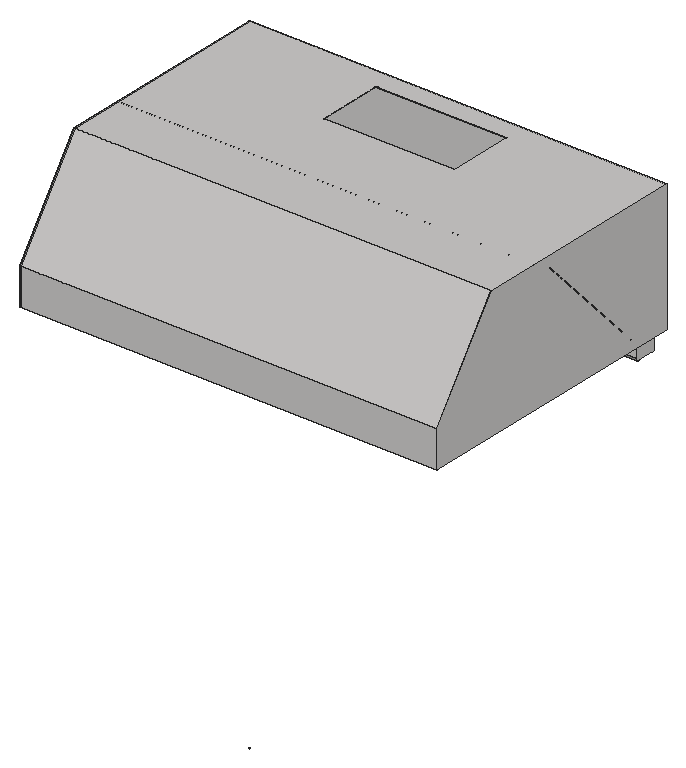
Revit family "QF_ELECTROLUXPROFESSIONAL_642331_BP1116DT", category Specialty Equipment, Revit 2014
Reference planes
  plane 1 "Center (Front/Back)": y = 0
  plane 2: z = 0
  plane 3 "Center (Left/Right)": x = 150
  plane 4 "LEFT": x = -650
  plane 5 "RIGHT": x = 950
  plane 6 "BACK": y = 550
  plane 7 "FRONT": y = -550
  plane 8 "TOP": z = 2500
  plane 9 "Base": z = 2000
  plane 10: z = 1926
  plane 11 "DrainY": y = 485
  plane 12: x = -647
  plane 13: through (0, 414.509, 2000.8) normal (0, 0.7314, 0.682)
  plane 14: y = 470
  plane 15: y = 220
  plane 16 "DrainX": x = 830
  plane 17: x = -100
  plane 18: x = 400
  plane 19: x = 947
  plane 20: x = 740
  plane 21: x = 920
  plane 22: x = -450
  plane 23: x = 750
  plane 24: x = -47.5
  plane 25: x = 347.5
  plane 26: z = 2140
  plane 27: y = -290
Forms (mm)
  Extrusion 1, solid, material "QF_Finishes_Stainless Steel"
    sketch origin (-650, 0, 360) x (0, 1, 0) y (0, 0, 1)
      loop
        line (550, 1640) -> (550, 2140) -> (-290, 2140) -> (-550, 1780) -> (-550, 1640) -> (550, 1640)
    from 0 to 3
  Extrusion 2, solid, material "QF_Finishes_Stainless Steel"
    sketch origin (150, 0, 360) x (0, 1, 0) y (0, 0, 1)
      loop
        line (415.255, 1640) -> (550, 1640) -> (550, 2139.19) -> (549.2, 2139.19) -> (549.2, 1640.8) -> (415.876, 1640.8) -> (339.347, 1722.867) -> (349.609, 1732.436) -> (348.927, 1733.167) -> (337.934, 1722.917) -> (415.255, 1640)
      loop
        line (-82.203, 2139.19) -> (-82.203, 2118.6) -> (-31.047, 2118.6) -> (34.354, 2048.466) -> (46.028, 2059.352) -> (45.346, 2060.083) -> (34.403, 2049.879) -> (-30.612, 2119.6) -> (-81.203, 2119.6) -> (-81.203, 2139.19) -> (-82.203, 2139.19)
    from -797 to 797
  Extrusion 3, solid, material "QF_Finishes_Stainless Steel"
    sketch origin (950, 0, 360) x (0, 1, 0) y (0, 0, 1)
      loop
        line (550, 1640) -> (550, 2140) -> (-290, 2140) -> (-550, 1780) -> (-550, 1640) -> (550, 1640)
    from 0 to -3
  Extrusion 4, solid, material "QF_Finishes_Stainless Steel"
    sketch origin (150, 0, 360) x (0, 1, 0) y (0, 0, 1)
      loop
        line (-290, 2140) -> (-550, 1780) -> (-550, 1640) -> (-549.2, 1640) -> (-549.2, 1779.741) -> (-289.598, 2139.19) -> (550, 2139.19) -> (550, 2140) -> (-290, 2140)
    from -800 to 800
  Extrusion 5, solid, material "QF_Finishes_Stainless Steel"
    sketch origin (150, 0, 360) x (0, 1, 0) y (0, 0, 1)
      loop
        line (534, 1640) -> (436, 1640) -> (436, 1627) -> (443.5, 1627) -> (443.5, 1576)
        arc (443.5, 1576) -> (446.429, 1568.929) -> (453.5, 1566) r 10
        line (453.5, 1566) -> (516.5, 1566)
        arc (516.5, 1566) -> (523.571, 1568.929) -> (526.5, 1576) r 10
        line (526.5, 1576) -> (526.5, 1627) -> (534, 1627) -> (534, 1640)
    from 590 to 770
  Extrusion 6, solid, material "QF_Finishes_Stainless Steel"
    sketch origin (0, 0, 2000) x (0, 1, 0) y (-1, 0, 0)
      loop
        circle (485, -830) r 20
    from -76 to -74
  Extrusion 7, solid, material "QF_Finished_Chrome"
    sketch origin (150, 0, 360) x (0, 1, 0) y (0, 0, 1)
      loop
        line (337.934, 1722.917) -> (341.591, 1726.327) -> (38.011, 2051.876) -> (34.354, 2048.466) -> (337.934, 1722.917)
    from -197.5 to -600
  Extrusion 8, solid, material "QF_Finishes_Stainless Steel"
    sketch origin (150, 0, 360) x (0, 1, 0) y (0, 0, 1)
      loop
        line (337.934, 1722.917) -> (341.591, 1726.327) -> (38.011, 2051.876) -> (34.354, 2048.466) -> (337.934, 1722.917)
    from 797 to 600
  Extrusion 9, solid, material "QF_Finished_Chrome"
    sketch origin (150, 0, 360) x (0, 1, 0) y (0, 0, 1)
      loop
        line (341.588, 1726.324) -> (38.009, 2051.874) -> (34.354, 2048.466) -> (337.934, 1722.917) -> (341.588, 1726.324)
    from 197.5 to 600
  Extrusion 10, void
    sketch origin (0, 0, 2500) x (0, 1, 0) y (-1, 0, 0)
      loop
        line (470, -400) -> (470, 100) -> (220, 100) -> (220, -400) -> (470, -400)
    from 0 to -10
  Extrusion 11, solid, material "QF_Finishes_Stainless Steel"
    sketch origin (0, 0, 0) x (1, 0, 0) y (0, 1, 0)
      loop
        line (-650, 550) -> (-650, 549) -> (-649, 549) -> (-649, 550) -> (-650, 550)
    from 0 to 1
  Extrusion 12, solid, material "QF_Finishes_Stainless Steel"
    sketch origin (150, 0, 360) x (0, 1, 0) y (0, 0, 1)
      loop
        line (337.934, 1722.917) -> (341.591, 1726.327) -> (38.011, 2051.876) -> (34.354, 2048.466) -> (337.934, 1722.917)
    from -600 to -797
  Extrusion 13, solid, material "QF_Finishes_Stainless Steel"
    sketch origin (150, 0, 360) x (0, 1, 0) y (0, 0, 1)
      loop
        line (337.934, 1722.917) -> (341.591, 1726.327) -> (38.011, 2051.876) -> (34.354, 2048.466) -> (337.934, 1722.917)
    from 197.5 to -197.5
Cuts and joins
  Extrusion 10 cuts Extrusion 4
  joined: Extrusion 2, Extrusion 4
Lines and regions (mm)
  reference lines
    curve 1: line (150, 34.354, 2408.466) -> (150, 34.354, 2248.466)
  symbolic lines, style "SpecialityEquipment", detail levels coarse
    curve 2: line (950, 550, 2500) -> (-650, 550, 2500)
    curve 3: line (-650, 550, 2500) -> (-650, -550, 2500)
    curve 4: line (950, -550, 2500) -> (950, 550, 2500)
    curve 5: line (-650, -550, 2500) -> (950, -550, 2500)
    curve 6: line (400, 220, 2500) -> (-100, 220, 2500)
    curve 7: line (400, 470, 2500) -> (400, 220, 2500)
    curve 8: line (-100, 470, 2500) -> (400, 470, 2500)
    curve 9: line (-100, 220, 2500) -> (-100, 470, 2500)
    curve 10: line (950, -289.598, 0) -> (-650, -289.598, 0)
    curve 11: line (-650, -289.598, 0) -> (950, 550, 0)
    curve 12: line (-650, 550, 0) -> (950, -289.598, 0)
Dimensions and locks
  plane 4 "LEFT" to plane 5 "RIGHT" = 1600 mm
  equal spacing: plane 4 "LEFT", plane 3 "Center (Left/Right)", plane 5 "RIGHT"
  locked: plane 8 "TOP" to plane 9 "Base" at 500
  plane 9 "Base" to plane 10 = 74 mm
  plane 6 "BACK" to plane 11 "DrainY" = 65 mm  (x2)
  plane 4 "LEFT" to plane 12 = 3 mm
  plane 6 "BACK" to plane 14 = 80 mm
  plane 14 to plane 15 = 250 mm  (x2)
  plane 16 "DrainX" to plane 5 "RIGHT" = 120 mm
  plane 19 to plane 5 "RIGHT" = 3 mm
  locked: plane 20 to plane 16 "DrainX" at 90
  locked: plane 16 "DrainX" to plane 21 at 90
  plane 6 "BACK" to plane 7 "FRONT" = 1100 mm  (x2)
  equal spacing: plane 6 "BACK", plane 1 "Center (Front/Back)", plane 7 "FRONT"
  plane 15 to plane 7 "FRONT" = 770 mm
  plane 14 to plane 6 "BACK" = 80 mm
  plane 4 "LEFT" to plane 22 = 200 mm
  plane 23 to plane 5 "RIGHT" = 200 mm
  locked: plane 24 to plane 25 at 395
  equal spacing: plane 24, plane 3 "Center (Left/Right)", plane 25
  locked: plane 17 to plane 18 at 500
  equal spacing: plane 17, plane 3 "Center (Left/Right)", plane 18
  locked: plane 9 "Base" to level at 2000
  plane 26 to plane 9 "Base" = 140 mm
  plane 27 to plane 7 "FRONT" = 260 mm
  aligned and locked: level to plane 2
  aligned and locked: Extrusion 2 to Extrusion 1
  aligned and locked: Extrusion 2 to Extrusion 3
  aligned and locked: plane 5 "RIGHT" to Extrusion 4
  aligned and locked: Extrusion 4 to plane 4 "LEFT"
  aligned and locked: plane 19 to Extrusion 8
  aligned and locked: Extrusion 10 to plane 17
  aligned and locked: Extrusion 10 to plane 15
  aligned and locked: Extrusion 10 to plane 14
  aligned and locked: Extrusion 2 to Extrusion 4
  aligned and locked: plane 21 to Extrusion 5
  aligned and locked: Extrusion 5 to plane 20
  aligned and locked: Extrusion 8 to plane 23
  aligned and locked: Extrusion 9 to plane 23
  aligned and locked: Extrusion 7 to plane 22
  aligned and locked: Extrusion 12 to plane 12
  aligned and locked: plane 22 to Extrusion 12
  aligned and locked: Extrusion 3 to plane 19
  aligned and locked: Extrusion 10 to plane 18
  aligned and locked: plane 18 to curve 7
  aligned and locked: plane 25 to Extrusion 13
  aligned and locked: Extrusion 13 to plane 24
  aligned and locked: Extrusion 9 to plane 25
Automatic sketch dimensions
  curve 5 to plane 5 "RIGHT" = 0 mm
  curve 5 to plane 7 "FRONT" = 0 mm
  curve 6 to plane 15 = 0 mm
  plane 14 to curve 8 = 0 mm
  curve 3 to plane 4 "LEFT" = 0 mm
  curve 3 to plane 6 "BACK" = 0 mm
  curve 6 to plane 17 = 0 mm
  Extrusion 2 sketch curve to plane 13 = 0 mm  (x3)
  Extrusion 2 sketch curve to plane 9 "Base" = 0 mm
  plane 13 to Extrusion 2 sketch curve = 0 mm
  Extrusion 2 sketch curve to plane 6 "BACK" = 0 mm
  Extrusion 2 sketch curve to Extrusion 2 sketch curve = 65.646 mm
  Extrusion 2 sketch curve to Extrusion 2 sketch curve = 0.682 mm  (x2)
  Extrusion 2 sketch curve to Extrusion 2 sketch curve = 10.261 mm
  plane 9 "Base" to Extrusion 2 sketch curve = 82.917 mm
  Extrusion 2 sketch curve to plane 1 "Center (Front/Back)" = 46.028 mm
  Extrusion 2 sketch curve to Extrusion 2 sketch curve = 10.942 mm
  Extrusion 2 sketch curve to Extrusion 2 sketch curve = 0.049 mm
  Extrusion 2 sketch curve to plane 8 "TOP" = 20.4 mm
  Extrusion 2 sketch curve to plane 8 "TOP" = 21.4 mm
  Extrusion 2 sketch curve to plane 8 "TOP" = 0.81 mm  (x2)
  Extrusion 2 sketch curve to Extrusion 2 sketch curve = 50.156 mm
  Extrusion 2 sketch curve to Extrusion 2 sketch curve = 1 mm
  plane 9 "Base" to Extrusion 2 sketch curve = 0.8 mm
  Extrusion 2 sketch curve to plane 6 "BACK" = 0.8 mm
  curve 1 to plane 13 = 0 mm
  curve 1 to plane 1 "Center (Front/Back)" = 34.354 mm
  Extrusion 5 sketch curve to plane 9 "Base" = 0 mm
  Extrusion 5 sketch curve to plane 10 = 0 mm
  Extrusion 5 sketch curve to plane 9 "Base" = 13 mm  (x2)
  plane 14 to Extrusion 5 sketch curve = 34 mm
  Extrusion 5 sketch curve to Extrusion 5 sketch curve = 7.5 mm  (x2)
  Extrusion 5 sketch curve to Extrusion 5 sketch curve = 10 mm
  plane 11 "DrainY" to Extrusion 5 sketch curve = 31.5 mm
  Extrusion 5 sketch curve to plane 6 "BACK" = 23.5 mm
  Extrusion 6 sketch curve to plane 11 "DrainY" = 0 mm
  Extrusion 6 sketch curve to plane 16 "DrainX" = 0 mm
  Extrusion 7 sketch curve to plane 13 = 0 mm  (x2)
  Extrusion 7 sketch curve to plane 1 "Center (Front/Back)" = 34.354 mm
  Extrusion 7 sketch curve to Extrusion 7 sketch curve = 3.657 mm
  plane 9 "Base" to Extrusion 7 sketch curve = 82.917 mm
  Extrusion 8 sketch curve to plane 13 = 0 mm  (x2)
  Extrusion 8 sketch curve to plane 1 "Center (Front/Back)" = 34.354 mm
  Extrusion 8 sketch curve to Extrusion 8 sketch curve = 3.657 mm
  plane 9 "Base" to Extrusion 8 sketch curve = 82.917 mm
  Extrusion 9 sketch curve to plane 13 = 0 mm  (x2)
  Extrusion 9 sketch curve to plane 1 "Center (Front/Back)" = 34.354 mm
  Extrusion 9 sketch curve to Extrusion 9 sketch curve = 3.655 mm
  plane 9 "Base" to Extrusion 9 sketch curve = 82.917 mm
  Extrusion 10 sketch curve to plane 15 = 0 mm
  plane 14 to Extrusion 10 sketch curve = 0 mm
  Extrusion 10 sketch curve to plane 18 = 0 mm
  Extrusion 10 sketch curve to plane 17 = 0 mm
  Extrusion 11 sketch curve to plane 4 "LEFT" = 0 mm
  Extrusion 11 sketch curve to plane 6 "BACK" = 0 mm
  plane 4 "LEFT" to Extrusion 11 sketch curve = 1 mm
  Extrusion 11 sketch curve to Extrusion 11 sketch curve = 1 mm
  Extrusion 12 sketch curve to plane 13 = 0 mm  (x2)
  Extrusion 12 sketch curve to plane 1 "Center (Front/Back)" = 34.354 mm
  Extrusion 12 sketch curve to Extrusion 12 sketch curve = 3.657 mm
  plane 9 "Base" to Extrusion 12 sketch curve = 82.917 mm
  Extrusion 13 sketch curve to plane 13 = 0 mm  (x2)
  Extrusion 13 sketch curve to plane 1 "Center (Front/Back)" = 34.354 mm
  Extrusion 13 sketch curve to Extrusion 13 sketch curve = 3.657 mm
  plane 9 "Base" to Extrusion 13 sketch curve = 82.917 mm
  curve 1 to curve 1 = 160 mm
  Extrusion 4 sketch curve to plane 7 "FRONT" = 0 mm
  Extrusion 4 sketch curve to plane 8 "TOP" = 0 mm
  Extrusion 4 sketch curve to plane 27 = 0 mm
  Extrusion 4 sketch curve to plane 6 "BACK" = 0 mm
  Extrusion 4 sketch curve to plane 26 = 0 mm
  Extrusion 4 sketch curve to Extrusion 4 sketch curve = 0.81 mm
  plane 7 "FRONT" to Extrusion 4 sketch curve = 0.8 mm
  Extrusion 4 sketch curve to plane 27 = 0.402 mm
  Extrusion 4 sketch curve to plane 9 "Base" = 0 mm
  Extrusion 4 sketch curve to plane 26 = 0.259 mm
  Extrusion 1 sketch curve to plane 6 "BACK" = 0 mm
  Extrusion 1 sketch curve to plane 9 "Base" = 0 mm
  Extrusion 1 sketch curve to plane 8 "TOP" = 0 mm
  Extrusion 1 sketch curve to plane 7 "FRONT" = 0 mm
  Extrusion 1 sketch curve to plane 27 = 0 mm
  Extrusion 1 sketch curve to plane 26 = 0 mm
  Extrusion 3 sketch curve to plane 7 "FRONT" = 0 mm
  Extrusion 3 sketch curve to plane 6 "BACK" = 0 mm
  Extrusion 3 sketch curve to plane 9 "Base" = 0 mm
  Extrusion 3 sketch curve to plane 8 "TOP" = 0 mm
  Extrusion 3 sketch curve to plane 27 = 0 mm
  Extrusion 3 sketch curve to plane 26 = 0 mm
  curve 10 to plane 4 "LEFT" = 0 mm
  curve 12 to plane 4 "LEFT" = 0 mm
  curve 11 to plane 5 "RIGHT" = 0 mm
  curve 12 to plane 5 "RIGHT" = 0 mm
  curve 12 to plane 6 "BACK" = 0 mm
  curve 11 to plane 6 "BACK" = 0 mm
  curve 11 to plane 27 = 0.402 mm
  radius of Extrusion 6 sketch curve = 20 mm
Connectors
  piping at (830, 485, 1924), diameter 20
    settings: on Extrusion 6, index 1, connector inside diameter 609.6 mm, connector length 0 mm, flow factor 0, pipe flow 0.0 L/s, pressure drop 0.0 Pa, fitting loss kfactor 0, connector angle 0.00°, fixture units 0, engagement length 0 mm, angle of deflection 0.00°, flow configuration 1, flow direction 2, fitting loss method 0, system type 16, joint type 0, gender type 0, connector reference index -1, connector utility 0, adjustable connector no, is connector primary yes, connector description "Drain"
  hvac at (150, 345, 2500)
    settings: on Extrusion 10, index 2, duct flow 0.0 L/s, flow factor 0, pres drop 0.0 Pa, loss coef 0, conn angle 0.00°, conn width 250 mm, conn height 500 mm, conn diameter 609.6 mm, duct sys type 3, conn prof type 1, flow config 1, flow direction 0, loss method 0, conn ref index -1, conn util no, is conn primary yes, conn desc "EXHAUST OUTLET"
